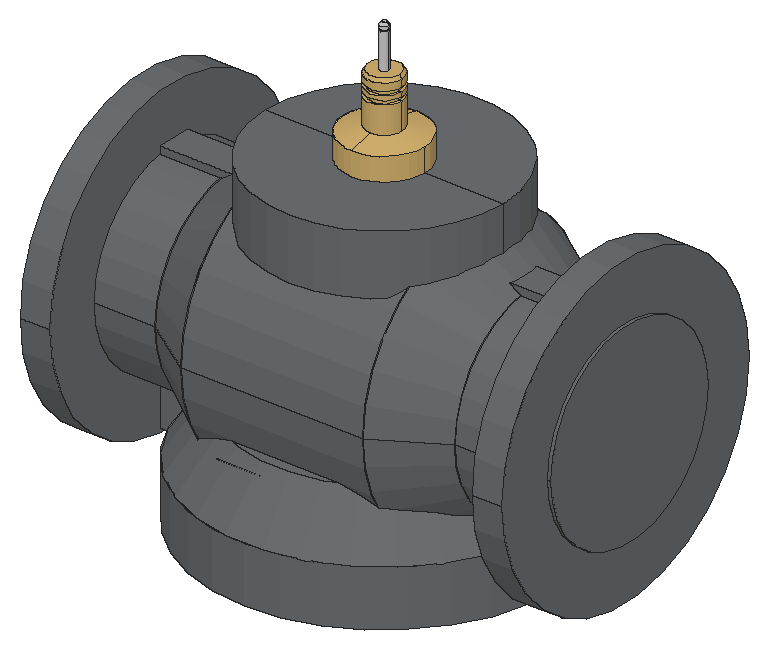
Revit family "1AHQM_DN50-100_Flange_RFA", category Pipe Accessories, Revit 2019
Family settings
  Round Connector Dimension = Use Diameter
  Part Type = Valve - Breaks Into
  OmniClass Number = 23.65.55.14.17
  OmniClass Title = Adjusting/Controlling Valves for Liquid Services
  Work Plane-Based = No
  Always vertical = Yes
  Cut with Voids When Loaded = No
  Shared = No
Parameters (values of type "AHQM_DN100_Flange_003L3606")
  Weight = 51.00 kg
  W = R_B6 * 2  # 250 mm
  Valve Body Material = Danfoss Grey Iron
  URL = "https://store.danfoss.com/en/Climate-Solutions-for-heating/Pressure-and-Flow-Controllers/Pressure-Independent-Control-Valves/c/4120?q=%3Arelevance%3Adanfoss_producttypehierarchydesc%3A4503ff21ed70ed1f579e41a58838c27d4b1d929f%3Adanfoss_a50461501115_fts%3ATA1_1501116&text="
  Nominal Pressure = "PN 16"  # constant formula
  Min Flow = "7.6 m³/h"
  Max Flow = "38 m³/h"
  Max Differential Pressure = "4 bar"  # constant formula
  LS = -12 mm
  LE = 12 mm
  Kvs = 90.0 m³/h
  H2 = 72.466 mm
  R_T2 = 85 mm
  R_B7 = 38 mm
  R_B6 = 125 mm
  R_B = 60 mm
  L_TP1 = 38 mm
  H_TP = 7.5 mm
  L_TP2 = 45 mm
  H_T1 = 75 mm
  H_B6 = 40 mm
  H3 = 43 mm
  D_TP = 22 mm
  W_TP = 60 mm
  D = 100 mm
  50_350 = if(and(D = 50 mm, LOD 350), 1 = 1, 1 = 0)  # no
  D_Flange = R_F2 * 2  # 220 mm
  Stroke = "15 mm"
  R_F1 = 70 mm
  L = 350 mm
  R_B3 = 95 mm
  R_B5 = 35 mm
  H_B4 = 12 mm
  H_B2 = 77 mm
  H_B1 = 40 mm
  H_B3 = 106 mm
  L5 = 130 mm
  L4 = 40 mm
  HH = 152 mm
  R_V2 = 71 mm
  R_V1 = 71 mm
  R_V3 = 98 mm
  R_T1 = 29 mm
  R_B2 = 125 mm
  R_B4 = 79 mm
  R_B1 = 98 mm
  R_F2 = 110 mm
  Pressure Drop [instance] = 0.0 bar
  Model Type = "AHQM_DN100_Flange"
  Model = "003L3606"
  Min Medium Temperature = "2 °C"  # constant formula
  Max Medium Temperature = "120 °C"  # constant formula
  Manufacturer = "Danfoss"  # constant formula
  L3 = 44 mm
  LOD 350 = not(LOD 200)  # yes
  LOD 200 = no
  L2 = 21 mm
  L1 = 3 mm
  IfcExportType = "AHQM"  # constant formula
  IfcExportAs = "IfcValveType"  # constant formula
  H_B5 = 13.5 mm
  H = 202 mm
  H1 = 132 mm
  Flow [instance] = 0.0 m³/h
  Description = "Pressure Independent Control Valve"  # constant formula
  Connection = "Flange"  # constant formula
  BIG = not([50_350])  # yes
Types (4, lengths in mm): name | Weight | W | Min Flow | Max Flow | LS | LE | Kvs | H2 | R_T2 | R_B7 | R_B6 | R_B | H_T1 | H_B6 | H3 | D | 50_350 | D_Flange | Stroke | R_F1 | L | R_B3 | R_B5 | H_B4 | H_B2 | H_B1 | H_B3 | L5 | L4 | HH | R_V2 | R_V1 | R_V3 | R_T1 | R_B2 | R_B4 | R_B1 | R_F2 | Model Type | Model | L3 | L2 | H_B5 | H | H1 | BIG
  AHQM_DN50_Flange_003L3603 | 12.70 kg | 130 | "2.5 m³/h" | "12.5 m³/h" | -3 | 3 | 20.0 m³/h | 36 | 29.5 | 29.5 | 65 | 34.5 | 0 | 12 | 5 | 50 | yes | 165 | "10 mm" | 52.5 | 230 | 51 | 24 | 15.5 | 78 | 61 | 79 | 66 | 41.5 | 141 | 41 | 45 | 54 | 29.5 | 54.5 | 40 | 34.5 | 82.5 | "AHQM_DN50_Flange" | "003L3603" | 20 | 19 | 28 | 141.5 | 71 | no
  AHQM_DN65_Flange_003L3604 | 31.00 kg | 206 | "4.0 m³/h" | "20 m³/h" | -12 | 12 | 50.0 m³/h | 65 | 70 | 38 | 103 | 60 | 60 | 40 | 33.5 | 65 | no | 185 | "15 mm" | 60.1 | 290 | 80 | 35 | 12 | 60 | 35 | 87.5 | 129 | 40 | 135 | 55 | 63 | 75 | 29 | 103 | 63 | 85 | 92.5 | "AHQM_DN65_Flange" | "003L3604" | 20 | 19 | 13.5 | 187 | 117 | yes
  AHQM_DN80_Flange_003L3605 | 37.50 kg | 218 | "5.6 m³/h" | "28 m³/h" | -12 | 12 | 63.0 m³/h | 72.466 | 75 | 38 | 109 | 60 | 65 | 40 | 31 | 80 | no | 200 | "15 mm" | 65 | 310 | 85 | 35 | 12 | 63 | 40 | 96 | 118 | 38 | 139.5 | 62 | 64 | 87 | 29 | 109 | 66 | 85 | 100 | "AHQM_DN80_Flange" | "003L3605" | 38 | 17 | 13.5 | 190 | 120 | yes
  AHQM_DN100_Flange_003L3606 | 51.00 kg | 250 | "7.6 m³/h" | "38 m³/h" | -12 | 12 | 90.0 m³/h | 72.466 | 85 | 38 | 125 | 60 | 75 | 40 | 43 | 100 | no | 220 | "15 mm" | 70 | 350 | 95 | 35 | 12 | 77 | 40 | 106 | 130 | 40 | 152 | 71 | 71 | 98 | 29 | 125 | 79 | 98 | 110 | "AHQM_DN100_Flange" | "003L3606" | 44 | 21 | 13.5 | 202 | 132 | yes
Reference planes
  plane 1 "Center (Front/Back)": y = 0
  plane 2 "XYPLANE": z = 0
  plane 3 "Center (Left/Right)": x = 0
  plane 4 "193": x = 57
  plane 5 "192": x = -67
  plane 6 "189": x = 107
  plane 7 "188": x = -107
  plane 8 "187": x = 63
  plane 9 "182": z = 172
  plane 10 "181": z = 169.5
  plane 11 "178": z = 155.5
  plane 12 "174": z = 136.5
  plane 13 "173": z = 132
  plane 14 "172": z = -106
  plane 15 "162": x = -151
  plane 16 "161": x = 151
  plane 17 "160": x = 172
  plane 18 "159": x = -172
  plane 19 "74": x = 175
  plane 20 "73": x = -175
  plane 21 "72": z = 0
  plane 22 "71": x = 0
  plane 23 "70": y = 0
  plane 24 "TP2": x = 45
  plane 25: z = 7.5
  plane 26 "180_2": z = 164.5
  plane 27 "183_2": z = 197
  plane 28 "183_3": z = 198.5
  plane 29 "183_4": z = 202
  plane 30: x = 3
  plane 31: x = 1.7
  plane 32: z = 200.25
  plane 33: z = 158.5
  plane 34: z = 161.5
  plane 35: z = 164.5
  plane 36 "B1": z = -152
  plane 37: z = -40
  plane 38: z = -77
  plane 39: z = -126.5
  plane 40: z = -138.5
  plane 41 "TP1": x = -38
  plane 42: y = 125
  plane 43: y = -125
Forms (mm)
  Extrusion 1, solid, material "Danfoss Grey Iron" <- "Valve Body Material", detail levels fine
    sketch origin (172, -750, 0) x (0, 1, 0) y (0, 0, 1)
      loop
        circle (750, 0) r 110
    from 0 to -21
  Blend 2, solid, material "Danfoss Grey Iron" <- "Valve Body Material", visible <- "LOD 350", detail levels fine
    base sketch origin (57, -750, 0) x (0, 1, 0) y (0, 0, 1)
      loop
        circle (750, 0) r 71
    top sketch origin (57, -750, 0) x (0, 1, 0) y (0, 0, 1)
      loop
        circle (750, 0) r 98
    from 50 to 6
  Blend 3, solid, material "Danfoss Grey Iron" <- "Valve Body Material", visible <- "LOD 350", detail levels fine
    base sketch origin (151, -750, 0) x (0, 1, 0) y (0, 0, 1)
      loop
        circle (750, 0) r 71
    top sketch origin (151, -750, 0) x (0, 1, 0) y (0, 0, 1)
      loop
        circle (750, 0) r 71
    from 0 to -44
  Blend 4, solid, material "Danfoss Grey Iron" <- "Valve Body Material", visible <- "LOD 350", detail levels fine
    base sketch origin (-67, -750, 0) x (0, 1, 0) y (0, 0, 1)
      loop
        circle (750, 0) r 71
    top sketch origin (-67, -750, 0) x (0, 1, 0) y (0, 0, 1)
      loop
        circle (750, 0) r 98
    from -40 to 0
  Blend 5, solid, material "Danfoss Grey Iron" <- "Valve Body Material", visible <- "LOD 350", detail levels fine
    base sketch origin (-151, -750, 0) x (0, 1, 0) y (0, 0, 1)
      loop
        circle (750, 0) r 71
    top sketch origin (-151, -750, 0) x (0, 1, 0) y (0, 0, 1)
      loop
        circle (750, 0) r 71
    from 0 to 44
  Extrusion 6, solid, material "Danfoss Grey Iron" <- "Valve Body Material", detail levels fine
    sketch origin (-172, -750, 0) x (0, 1, 0) y (0, 0, 1)
      loop
        circle (750, 0) r 110
    from 0 to 21 <- "L2"
  Extrusion 7, solid, material "Danfoss Brass", visible <- "LOD 350", detail levels fine
    sketch origin (-750, 0, 132) x (1, 0, 0) y (0, 1, 0)
      loop
        circle (750, 0) r 29
    from 0 to -16.534
  Extrusion 8, solid, material "Danfoss Brass", visible <- "LOD 350", detail levels fine
    sketch origin (-750, 0, 169.5) x (1, 0, 0) y (0, 1, 0)
      loop
        circle (750, 0) r 12.5
    from -5 to 0
  Blend 9, solid, material "Danfoss Brass", visible <- "LOD 350", detail levels fine
    base sketch origin (0, 0, 109.5) x (-1, 0, 0) y (0, -1, 0)
      loop
        circle (0, 0) r 12.5
    top sketch origin (0, 0, 109.5) x (-1, 0, 0) y (0, -1, 0)
      loop
        circle (0, 0) r 11
    from 60 to 62.5
  Blend 10, solid, material "Danfoss Grey Iron" <- "Valve Body Material", visible <- "LOD 350", detail levels fine
    base sketch origin (-750, 0, -86.96) x (1, 0, 0) y (0, 1, 0)
      loop
        circle (750, 0) r 125
    top sketch origin (-750, 0, -86.96) x (1, 0, 0) y (0, 1, 0)
      loop
        circle (750, 0) r 98
    from 9.96 to 46.96
  Extrusion 11, solid, material "Danfoss Grey Iron" <- "Valve Body Material", visible <- "LOD 350", detail levels fine
    sketch origin (0, 0, -152) x (-1, 0, 0) y (0, -1, 0)
      loop
        circle (0, 0) r 35
    from 0 to 13.5 <- "H_B5"
  Blend 12, solid, material "Danfoss Grey Iron" <- "Valve Body Material", visible <- "LOD 350", detail levels fine
    base sketch origin (-750, 0, -54.28) x (1, 0, 0) y (0, 1, 0)
      loop
        circle (750, 0) r 79
    top sketch origin (-750, 0, -54.28) x (1, 0, 0) y (0, 1, 0)
      loop
        circle (750, 0) r 95
    from -72.22 to -62.72
  Extrusion 13, solid, material "Danfoss Grey Iron" <- "Valve Body Material", detail levels fine
    sketch origin (175, -750, 0) x (0, 1, 0) y (0, 0, 1)
      loop
        circle (750, 0) r 70
    from 0 to -3
  Extrusion 14, solid, material "Danfoss Grey Iron" <- "Valve Body Material", detail levels fine
    sketch origin (-175, -750, 0) x (0, 1, 0) y (0, 0, 1)
      loop
        circle (750, 0) r 70
    from 0 to 3
  Extrusion 15, solid, material "Danfoss Grey Iron" <- "Valve Body Material", visible <- "LOD 350", detail levels fine
    sketch origin (-62.5, -750, 0) x (0, 1, 0) y (0, 0, 1)
      loop
        circle (750, 0) r 98
    from -4.5 to 125.5
  Extrusion 16, solid, material "Danfoss Grey Iron" <- "Valve Body Material", not visible
    sketch origin (175, -750, 0) x (0, 1, 0) y (0, 0, 1)
      loop
        circle (750, 0) r 10
    from 0 to -10
  Extrusion 17, solid, material "Danfoss Grey Iron" <- "Valve Body Material", not visible
    sketch origin (-175, -750, 0) x (0, 1, 0) y (0, 0, 1)
      loop
        circle (750, 0) r 10
    from 0 to 10
  Extrusion 18, solid, material "Danfoss Brass", visible <- "50_350", detail levels fine
    sketch origin (0, 0, 0) x (1, 0, 0) y (0, 0, 1)
      loop
        circle (45, 7.5) r 11
      loop
        circle (-38, 7.5) r 11
    from 0 to 60 <- "W_TP"
  Revolve 19, solid, material "Danfoss Stainless Steel AISI 304 / AISI 316L", visible <- "LOD 350", detail levels fine
    sketch origin (0, 0, 0) x (1, 0, 0) y (0, 0, 1)
      loop
        line (0, 202) -> (0, 172) -> (3, 172) -> (3, 197) -> (1.7, 197) -> (1.7, 198.5) -> (3, 198.5) -> (3, 200.25) -> (1.7, 202) -> (0, 202)
      axis (0, 202) -> (0, 172)
    angle from 0 to 360
  Extrusion 20, solid, material "Danfoss Stainless Steel AISI 304 / AISI 316L", visible <- "LOD 200", detail levels fine
    sketch origin (-750, 0, 136.5) x (1, 0, 0) y (0, 1, 0)
      loop
        circle (750, 0) r 3
    from 65.5 to 35.5
  Extrusion 21, solid, material "Danfoss Grey Iron" <- "Valve Body Material", visible <- "LOD 200", detail levels fine
    sketch origin (-151, -750, 0) x (0, 1, 0) y (0, 0, 1)
      loop
        circle (750, 0) r 98
    from 0 to 302
  Revolve 22, solid, material "Danfoss Brass", visible <- "LOD 350", detail levels fine
    sketch origin (0, 0, 0) x (1, 0, 0) y (0, 0, 1)
      loop
        line (0, 155.5) -> (10.45, 155.5) -> (10.45, 158.5) -> (12.5, 158.5) -> (12.5, 161.5) -> (10.45, 161.5) -> (10.45, 164.5) -> (0, 164.5) -> (0, 155.5)
      axis (0, 164.5) -> (0, 155.5)
    angle from 0 to 360
  Blend 23, solid, material "Danfoss Brass", visible <- "LOD 350", detail levels fine
    base sketch origin (0, 0, -200) x (0, 1, 0) y (-1, 0, 0)
      loop
        circle (0, 0) r 29
    top sketch origin (0, 0, -200) x (0, 1, 0) y (-1, 0, 0)
      loop
        circle (0, 0) r 12.5
    from 332 to 336.5
  Extrusion 24, solid, material "Danfoss Grey Iron" <- "Valve Body Material", visible <- "LOD 350", detail levels fine
    sketch origin (0, 0, 0) x (1, 0, 0) y (0, 0, 1)
      loop
        line (-151, 75) -> (-151, -106) -> (151, -106) -> (151, 75) -> (-151, 75)
    from -12 <- "LS" to 12 <- "LE"
  Revolve 25, solid, material "Danfoss Grey Iron" <- "Valve Body Material", detail levels fine
    sketch origin (0, 0, 0) x (1, 0, 0) y (0, 0, 1)
      loop
        line (-125, -77) -> (-125, -117) -> (0, -117) -> (0, -77) -> (-125, -77)
      axis (0, -77) -> (0, -117)
    angle from 0 to 360
  Revolve 26, solid, material "Danfoss Grey Iron" <- "Valve Body Material", visible <- "LOD 350", detail levels fine
    sketch origin (0, 0, 0) x (1, 0, 0) y (0, 0, 1)
      loop
        line (-38, -138.5) -> (0, -138.5) -> (0, -126.5) -> (-38, -126.5) -> (-38, -138.5)
      axis (0, -126.5) -> (0, -138.5)
    angle from 0 to 360
  Revolve 27, solid, material "Danfoss Grey Iron" <- "Valve Body Material", visible <- "50_350", detail levels fine
    sketch origin (0, 0, 0) x (1, 0, 0) y (0, 0, 1)
      loop
        line (0, -40) -> (60, -40) -> (60, 0) -> (0, 0) -> (0, -40)
      axis (0, 0) -> (0, -40)
    angle from 0 to 360
  Revolve 28, solid, material "Danfoss Brass", visible <- "LOD 350", detail levels fine
    sketch origin (0, 0, 0) x (1, 0, 0) y (0, 0, 1)
      loop
        line (0, 155.5) -> (0, 136.5) -> (12.5, 136.5) -> (12.5, 155.5) -> (0, 155.5)
      axis (0, 155.5) -> (0, 136.5)
    angle from 0 to 360
  Revolve 29, solid, material "Danfoss Brass", visible <- "LOD 200", detail levels fine
    sketch origin (0, 0, 0) x (1, 0, 0) y (0, 0, 1)
      loop
        line (0, 172) -> (0, 0) -> (29, 0) -> (29, 136.5) -> (12.5, 136.5) -> (12.5, 172) -> (0, 172)
      axis (0, 172) -> (0, 0)
    angle from 0 to 360
  Revolve 30, solid, material "Danfoss Grey Iron" <- "Valve Body Material", visible <- "LOD 200", detail levels fine
    sketch origin (0, 0, 0) x (1, 0, 0) y (0, 0, 1)
      loop
        line (0, 0) -> (0, -152) -> (35, -152) -> (35, -77) -> (98, -77) -> (98, 0) -> (0, 0)
      axis (0, 0) -> (0, -152)
    angle from 0 to 360
  Revolve 31, solid, material "Danfoss Grey Iron", visible <- "BIG", detail levels fine
    sketch origin (0, 0, 0) x (1, 0, 0) y (0, 0, 1)
      loop
        line (0, 115.466) -> (0, 72.466) -> (85, 72.466) -> (85, 115.466) -> (0, 115.466)
      axis (0, 115.466) -> (0, 72.466)
    angle from 0 to 360
Lines and regions (mm)
  reference lines, not visible
    curve 1: circle (2, 2, 0) r 1 normal (0, 0, 1)
Dimensions and locks
  "L3": plane 16 "161" to plane 6 "189"
  "L2": plane 18 "159" to plane 15 "162"
  "L2": plane 17 "160" to plane 16 "161"
  "L1": plane 19 "74" to plane 17 "160"
  "L1": plane 20 "73" to plane 18 "159"
  locked: plane 2 "XYPLANE" to plane 21 "72"
  locked: plane 1 "Center (Front/Back)" to plane 23 "70"
  "H_TP": level to plane 25
  equal spacing: plane 29 "183_4", plane 32, plane 28 "183_3"
  "H1": plane 13 "173" to level
  "H": plane 29 "183_4" to level
  Revolve 22 sketch curve to plane 3 "Center (Left/Right)" = 10.45 mm
  Revolve 22 sketch curve to plane 3 "Center (Left/Right)" = 12.5 mm
  Revolve 22 sketch curve to plane 22 "71" = 10.45 mm
  "L5": plane 8 "187" to plane 5 "192"
  "L4": plane 5 "192" to plane 7 "188"
  "L": plane 19 "74" to plane 20 "73"
  equal spacing: plane 19 "74", plane 3 "Center (Left/Right)", plane 20 "73"
  "H_B3": level to plane 14 "172"
  "HH": level to plane 36 "B1"
  "H_B1": level to plane 37
  "H_B2": level to plane 38
  "H_B6": Revolve 25 sketch curve to Revolve 25 sketch curve
  "R_B6": Revolve 25 sketch curve to Revolve 25 sketch curve
  "H_B5": plane 40 to plane 36 "B1"
  "H_B4": plane 39 to plane 40
  "R_B7": plane 3 "Center (Left/Right)" to Revolve 26 sketch curve
  "R_B": Revolve 27 sketch curve to plane 3 "Center (Left/Right)"
  plane 9 "182" to plane 10 "181" to plane 26 "180_2" = 2.5 mm locked, 5 mm locked
  "L_TP1": plane 41 "TP1" to plane 3 "Center (Left/Right)"
  "L_TP2": plane 3 "Center (Left/Right)" to plane 24 "TP2"
  "L3": plane 15 "162" to plane 7 "188"
  Revolve 19 sketch curve to Revolve 19 sketch curve = 3 mm  (x2)
  Revolve 28 sketch curve to plane 3 "Center (Left/Right)" = 12.5 mm
  Revolve 29 sketch curve to plane 3 "Center (Left/Right)" = 12.5 mm
  "R_T1": Revolve 29 sketch curve to plane 3 "Center (Left/Right)"
  "R_B5": Revolve 30 sketch curve to Revolve 30 sketch curve
  "R_B1": Revolve 30 sketch curve to Revolve 30 sketch curve
  locked: plane 26 "180_2" to plane 11 "178" at 9
  "H2": Revolve 31 sketch curve to level
  "R_T2": Revolve 31 sketch curve to Revolve 31 sketch curve
  "H3": Revolve 31 sketch curve to Revolve 31 sketch curve
  "H_T1": Extrusion 24 sketch curve to level
  plane 11 "178" to plane 12 "174" to plane 13 "173" = 19 mm locked, 4.5 mm locked
  plane 35 to plane 34 to plane 33 to plane 11 "178" = 3 mm, 3 mm, 3 mm
  locked: plane 28 "183_3" to plane 27 "183_2" at 1.5
  locked: plane 29 "183_4" to plane 28 "183_3" at 3.5
  "W": plane 42 to plane 43
  equal spacing: plane 42, plane 23 "70", plane 43
  "R_F2": radius of Extrusion 1 sketch curve
  "R_V3": radius of Blend 2 sketch curve
  "R_V2": radius of Blend 2 sketch curve
  "R_V2": radius of Blend 3 sketch curve
  "R_V1": radius of Blend 3 sketch curve
  "R_V3": radius of Blend 4 sketch curve
  "R_V2": radius of Blend 4 sketch curve
  "R_V2": radius of Blend 5 sketch curve
  "R_V1": radius of Blend 5 sketch curve
  "R_F2": radius of Extrusion 6 sketch curve
  "R_T1": radius of Extrusion 7 sketch curve
  "R_B1": radius of Blend 10 sketch curve
  "R_B2": radius of Blend 10 sketch curve
  "R_B5": radius of Extrusion 11 sketch curve
  "R_B3": radius of Blend 12 sketch curve
  "R_B4": radius of Blend 12 sketch curve
  "R_F1": radius of Extrusion 13 sketch curve
  "R_F1": radius of Extrusion 14 sketch curve
  "R_V3": radius of Extrusion 15 sketch curve
  "D_TP": diameter of Extrusion 18 sketch curve  (x2)
  radius of Extrusion 20 sketch curve = 3 mm
  "R_V3": radius of Extrusion 21 sketch curve
  radius of Extrusion 8 sketch curve = 12.5 mm
  "R_T1": radius of Blend 23 sketch curve
  radius of Blend 23 sketch curve = 12.5 mm
  radius of Blend 9 sketch curve = 11 mm
  radius of Blend 9 sketch curve = 12.5 mm
  aligned and locked: level to plane 2 "XYPLANE"
  aligned and locked: plane 21 "72" to Extrusion 1 sketch curve
  aligned and locked: Extrusion 1 sketch curve to plane 23 "70"
  aligned and locked: plane 21 "72" to Blend 2 sketch curve  (x2)
  aligned and locked: Blend 2 sketch curve to plane 23 "70"  (x2)
  aligned and locked: plane 21 "72" to Blend 3 sketch curve  (x2)
  aligned and locked: Blend 3 sketch curve to plane 23 "70"  (x2)
  aligned and locked: Blend 3 to plane 6 "189"
  aligned and locked: plane 21 "72" to Blend 4 sketch curve  (x2)
  aligned and locked: Blend 4 sketch curve to plane 23 "70"  (x2)
  aligned and locked: plane 21 "72" to Blend 5 sketch curve  (x2)
  aligned and locked: Blend 5 sketch curve to plane 23 "70"  (x2)
  aligned and locked: plane 7 "188" to Blend 5
  aligned and locked: plane 21 "72" to Extrusion 6 sketch curve
  aligned and locked: Extrusion 6 sketch curve to plane 23 "70"
  aligned and locked: plane 22 "71" to Extrusion 7 sketch curve
  aligned and locked: plane 23 "70" to Extrusion 7 sketch curve
  aligned and locked: plane 22 "71" to Extrusion 8 sketch curve
  aligned and locked: plane 23 "70" to Extrusion 8 sketch curve
  aligned and locked: plane 22 "71" to Blend 9 sketch curve  (x2)
  aligned and locked: plane 23 "70" to Blend 9 sketch curve  (x2)
  aligned and locked: plane 22 "71" to Blend 10 sketch curve  (x2)
  aligned and locked: plane 23 "70" to Blend 10 sketch curve  (x2)
  aligned and locked: plane 22 "71" to Extrusion 11 sketch curve
  aligned and locked: plane 23 "70" to Extrusion 11 sketch curve
  aligned and locked: plane 22 "71" to Blend 12 sketch curve  (x2)
  aligned and locked: plane 23 "70" to Blend 12 sketch curve  (x2)
  aligned and locked: plane 21 "72" to Extrusion 13 sketch curve
  aligned and locked: Extrusion 13 sketch curve to plane 23 "70"
  aligned and locked: plane 21 "72" to Extrusion 14 sketch curve
  aligned and locked: Extrusion 14 sketch curve to plane 23 "70"
  aligned and locked: plane 21 "72" to Extrusion 15 sketch curve
  aligned and locked: Extrusion 15 sketch curve to plane 23 "70"
  aligned and locked: plane 21 "72" to Extrusion 16 sketch curve
  aligned and locked: Extrusion 16 sketch curve to plane 23 "70"
  aligned and locked: plane 21 "72" to Extrusion 17 sketch curve
  aligned and locked: Extrusion 17 sketch curve to plane 23 "70"
  aligned and locked: Revolve 19 sketch curve to plane 31
  aligned and locked: Revolve 19 sketch curve to plane 27 "183_2"
  aligned and locked: Revolve 19 sketch curve to plane 28 "183_3"
  aligned and locked: Revolve 19 sketch curve to plane 29 "183_4"
  aligned and locked: Revolve 19 sketch curve to plane 30
  aligned and locked: plane 31 to Revolve 19 sketch curve
  aligned and locked: plane 32 to Revolve 19 sketch curve
  aligned and locked: Revolve 19 sketch curve to plane 22 "71"
  aligned and locked: plane 1 "Center (Front/Back)" to nested 1
  aligned and locked: plane 3 "Center (Left/Right)" to nested 1
  aligned and locked: Extrusion 8 to plane 26 "180_2"
  aligned and locked: plane 10 "181" to Extrusion 8
  aligned and locked: Blend 9 to plane 10 "181"
  aligned and locked: plane 9 "182" to Blend 9
  aligned and locked: Revolve 19 sketch curve to plane 9 "182"
  aligned and locked: Revolve 22 sketch curve to plane 11 "178"
  aligned and locked: Revolve 22 sketch curve to plane 3 "Center (Left/Right)"
  aligned and locked: Revolve 22 sketch curve to plane 35
  aligned and locked: Revolve 22 sketch curve to plane 34
  aligned and locked: Revolve 22 sketch curve to plane 33
  aligned and locked: Blend 9 to Revolve 22 sketch curve
  aligned and locked: Revolve 22 sketch curve to plane 22 "71"
  aligned and locked: plane 3 "Center (Left/Right)" to Blend 23 sketch curve  (x2)
  aligned and locked: plane 1 "Center (Front/Back)" to Blend 23 sketch curve  (x2)
  aligned and locked: Blend 23 to plane 13 "173"
  aligned and locked: plane 12 "174" to Blend 23
  aligned and locked: Blend 5 to plane 15 "162"
  aligned and locked: Blend 4 to plane 5 "192"
  aligned and locked: Extrusion 15 to plane 5 "192"
  aligned and locked: Blend 4 to plane 7 "188"
  aligned and locked: Blend 2 to plane 6 "189"
  aligned and locked: Blend 2 to plane 8 "187"
  aligned and locked: Extrusion 24 sketch curve to plane 15 "162"
  aligned and locked: Extrusion 24 sketch curve to plane 16 "161"
  aligned and locked: Extrusion 24 sketch curve to plane 14 "172"  (x2)
  aligned and locked: Extrusion 11 to plane 36 "B1"
  aligned and locked: Blend 10 to plane 37
  aligned and locked: Blend 10 to plane 38
  aligned and locked: Revolve 25 sketch curve to plane 38
  aligned and locked: Revolve 25 sketch curve to plane 3 "Center (Left/Right)"  (x2)
  aligned and locked: Revolve 25 sketch curve to Blend 10
  aligned and locked: Revolve 25 sketch curve to Extrusion 11
  aligned and locked: Blend 12 to Revolve 25
  aligned and locked: plane 29 "183_4" to Extrusion 20
  aligned and locked: Extrusion 20 to plane 9 "182"
  aligned and locked: Revolve 26 sketch curve to plane 40
  aligned and locked: Revolve 26 sketch curve to plane 3 "Center (Left/Right)"
  aligned and locked: Revolve 26 sketch curve to plane 39
  aligned and locked: Revolve 26 sketch curve to Revolve 26 sketch curve  (x2)
  aligned and locked: Revolve 27 sketch curve to plane 37
  aligned and locked: Revolve 27 sketch curve to plane 3 "Center (Left/Right)"
  aligned and locked: Revolve 27 sketch curve to level
  aligned and locked: Revolve 27 sketch curve to Revolve 27 sketch curve  (x2)
  aligned and locked: Extrusion 14 to plane 18 "159"
  aligned and locked: Extrusion 14 to plane 20 "73"
  aligned and locked: Extrusion 13 to plane 19 "74"
  aligned and locked: Extrusion 13 to plane 17 "160"
  aligned and locked: Extrusion 1 to plane 17 "160"
  aligned and locked: Extrusion 1 to plane 16 "161"
  aligned and locked: Extrusion 21 to plane 15 "162"
  aligned and locked: Extrusion 21 to plane 16 "161"
  aligned and locked: plane 41 "TP1" to Extrusion 18 sketch curve
  aligned and locked: plane 25 to Extrusion 18 sketch curve
  aligned and locked: Extrusion 15 to plane 8 "187"
  aligned and locked: Blend 12 to plane 39
  aligned and locked: Revolve 28 sketch curve to plane 11 "178"
  aligned and locked: Revolve 28 sketch curve to plane 12 "174"
  aligned and locked: Revolve 28 sketch curve to plane 22 "71"  (x2)
  aligned and locked: Revolve 28 sketch curve to Revolve 22
  aligned and locked: Revolve 29 sketch curve to plane 9 "182"
  aligned and locked: Revolve 29 sketch curve to plane 3 "Center (Left/Right)"
  aligned and locked: Revolve 29 sketch curve to plane 12 "174"
  aligned and locked: Revolve 29 sketch curve to level
  aligned and locked: Revolve 29 sketch curve to Revolve 29 sketch curve  (x2)
  aligned and locked: Revolve 30 sketch curve to plane 3 "Center (Left/Right)"
  aligned and locked: Revolve 30 sketch curve to plane 36 "B1"
  aligned and locked: Revolve 30 sketch curve to level
  aligned and locked: Revolve 30 sketch curve to plane 38
  aligned and locked: Revolve 30 sketch curve to Revolve 30 sketch curve  (x2)
  aligned and locked: Revolve 31 sketch curve to plane 3 "Center (Left/Right)"
  aligned and locked: Revolve 28 to Revolve 31 sketch curve
  aligned and locked: Revolve 31 sketch curve to plane 22 "71"
  aligned and locked: Revolve 31 to Extrusion 7
Automatic sketch dimensions
  plane 1 "Center (Front/Back)" to Extrusion 16 sketch curve = 10 mm
  plane 1 "Center (Front/Back)" to Extrusion 17 sketch curve = 10 mm
  plane 3 "Center (Left/Right)" to curve 1 = 2 mm
  curve 1 to plane 1 "Center (Front/Back)" = 2 mm
  plane 29 "183_4" to Revolve 19 sketch curve = 8938.54 mm
  Revolve 22 sketch curve to plane 11 "178" = 1.66 mm
  Revolve 19 sketch curve to plane 11 "178" = 0 mm
  Revolve 28 sketch curve to plane 13 "173" = 0 mm
  plane 1 "Center (Front/Back)" to Extrusion 20 sketch curve = 0 mm
  Extrusion 20 sketch curve to plane 3 "Center (Left/Right)" = 0 mm
  Extrusion 18 sketch curve to plane 24 "TP2" = 0 mm
  Extrusion 18 sketch curve to plane 25 = 0 mm
  Extrusion 21 sketch curve to level = 0 mm
  Extrusion 21 sketch curve to plane 1 "Center (Front/Back)" = 0 mm
  plane 36 "B1" to Revolve 26 sketch curve = 4.021 mm
  plane 39 to Revolve 27 sketch curve = 0.479 mm
  Revolve 29 sketch curve to level = 0 mm
  Revolve 30 sketch curve to plane 36 "B1" = 73.835 mm
  Revolve 31 sketch curve to level = 0 mm
  radius of curve 1 = 1 mm
Nested families
  nested 1: "Schematic_PICV_Flange" at (0, 0, 0), type "Schematic_PICV_Flange", detail levels coarse+medium
Connectors
  piping at (-175, 0, 0), diameter 100, driven by "D", driven by "Flow"
    settings: on Extrusion 17, index 1, connector inside diameter 609.6 mm, connector length 0 mm, flow factor 0, pipe flow 0.0 m³/h, pressure drop 0.0 bar, fitting loss kfactor 0, connector angle 0.00°, fixture units 0, engagement length 0 mm, angle of deflection 0.00°, flow configuration 0, flow direction 0, fitting loss method 0, system type 29, joint type 0, gender type 0, connector reference index 2, connector utility 0, adjustable connector no, is connector primary yes, connector description ""
  piping at (175, 0, 0), diameter 100, driven by "D", driven by "Flow"
    settings: on Extrusion 16, index 2, connector inside diameter 609.6 mm, connector length 0 mm, flow factor 0, pipe flow 0.0 m³/h, pressure drop 0.0 bar, fitting loss kfactor 0, connector angle 0.00°, fixture units 0, engagement length 0 mm, angle of deflection 0.00°, flow configuration 0, flow direction 0, fitting loss method 0, system type 29, joint type 0, gender type 0, connector reference index 1, connector utility 0, adjustable connector no, is connector primary no, connector description ""
Definition of nested family "Schematic_PICV_Flange"
  Parameters (values of type "Schematic_PICV_Flange")
    L_1 = 2 / 5 * L  # 128 mm
    L1 = L / 15  # 21.333 mm
    L = 320 mm
    H4 = D / 5  # 38 mm
    H2 = 200 mm
    H1 = 235 mm
    D = 190 mm
  Reference planes
    plane 1 "Center (Front/Back)": y = 0
    plane 2: z = 0
    plane 3 "Center (Left/Right)": x = 0
    plane 4: x = 64
    plane 5: x = -64
    plane 6: z = 95
    plane 7: z = -95
    plane 8: z = 235
    plane 9: x = 138.667
    plane 10: x = -138.667
    plane 11: y = 95
    plane 12: y = -95
    plane 13: y = 235
    plane 14: y = -200
    plane 15: z = -200
    plane 16: z = -162
    plane 17: y = -162
    plane 18: z = -124
    plane 19: y = -124
    plane 20: x = -160
    plane 21: x = 160
  Lines and regions (mm)
    model lines
      curve 1: line (0, 0, 235) -> (0, 0, -124)
      curve 2: line (0, 0, 0) -> (-138.667, 0, 95)
      curve 3: line (-138.667, 0, 95) -> (-138.667, 0, -95)
      curve 4: line (-138.667, 0, -95) -> (0, 0, 0)
      curve 5: line (0, 0, 0) -> (138.667, 0, 95)
      curve 6: line (138.667, 0, 95) -> (138.667, 0, -95)
      curve 7: line (138.667, 0, -95) -> (0, 0, 0)
      curve 8: line (64, 0, -162) -> (-64, 0, -162)
      curve 9: line (-64, 0, 235) -> (64, 0, 235)
      curve 10: line (-160, 0, -95) -> (-160, 0, 95)
      curve 11: line (160, 0, -95) -> (160, 0, 95)
      curve 24: spline (-64, 0, -162) -> (-61.819, 0, -152.165) -> (-55.426, 0, -143) -> (-45.255, 0, -135.13) -> (-32, 0, -129.091) -> (-16.564, 0, -125.295) -> (0, 0, -124) -> (16.564, 0, -125.295) -> (32, 0, -129.091) -> (45.255, 0, -135.13) -> (55.426, 0, -143) -> (61.819, 0, -152.165) -> (64, 0, -162) -> (61.819, 0, -171.835) -> (55.426, 0, -181) -> (45.255, 0, -188.87) -> (32, 0, -194.909) -> (16.564, 0, -198.705) -> (0, 0, -200) -> (-16.564, 0, -198.705) -> (-32, 0, -194.909) -> (-45.255, 0, -188.87) -> (-55.426, 0, -181) -> (-61.819, 0, -171.835) -> (-64, 0, -162)
    symbolic lines
      curve 12: line (138.667, 95, 0) -> (138.667, -95, 0)
      curve 13: line (-138.667, 95, 0) -> (-138.667, -95, 0)
      curve 14: line (-138.667, 95, 0) -> (0, 0, 0)
      curve 15: line (0, 0, 0) -> (-138.667, -95, 0)
      curve 16: line (0, 0, 0) -> (138.667, -95, 0)
      curve 17: line (0, 0, 0) -> (138.667, 95, 0)
      curve 18: line (0, 235, 0) -> (0, -124, 0)
      curve 19: line (64, 235, 0) -> (-64, 235, 0)
      curve 20: line (-160, -95, 0) -> (-160, 95, 0)
      curve 21: line (160, -95, 0) -> (160, 95, 0)
      curve 22: line (64, -162, 0) -> (-64, -162, 0)
      curve 23: spline (-64, -162, 0) -> (-61.819, -152.165, 0) -> (-55.426, -143, 0) -> (-45.255, -135.13, 0) -> (-32, -129.091, 0) -> (-16.564, -125.295, 0) -> (0, -124, 0) -> (16.564, -125.295, 0) -> (32, -129.091, 0) -> (45.255, -135.13, 0) -> (55.426, -143, 0) -> (61.819, -152.165, 0) -> (64, -162, 0) -> (61.819, -171.835, 0) -> (55.426, -181, 0) -> (45.255, -188.87, 0) -> (32, -194.909, 0) -> (16.564, -198.705, 0) -> (0, -200, 0) -> (-16.564, -198.705, 0) -> (-32, -194.909, 0) -> (-45.255, -188.87, 0) -> (-55.426, -181, 0) -> (-61.819, -171.835, 0) -> (-64, -162, 0)
  Dimensions and locks
    equal spacing: plane 4, plane 3 "Center (Left/Right)", plane 5
    "D": plane 6 to plane 7
    equal spacing: plane 6, level, plane 7
    "D": plane 12 to plane 11
    "H1": plane 1 "Center (Front/Back)" to plane 13
    "H2": plane 14 to plane 1 "Center (Front/Back)"
    "H1": plane 8 to level
    "H2": level to plane 15
    "H4": plane 14 to plane 17
    equal spacing: plane 18, plane 16, plane 15
    equal spacing: plane 14, plane 17, plane 19
    "L": plane 21 to plane 20
    equal spacing: plane 9, plane 3 "Center (Left/Right)", plane 10
    "L1": plane 10 to plane 20
    "L1": plane 21 to plane 9
    "L_1": plane 4 to plane 5
    equal spacing: plane 12, plane 1 "Center (Front/Back)", plane 11
    "H4": plane 16 to plane 15
    aligned and locked: level to plane 2
    aligned and locked: plane 7 to curve 10
    aligned and locked: plane 6 to curve 10
    aligned and locked: plane 7 to curve 11
    aligned and locked: plane 6 to curve 11
    aligned and locked: plane 4 to curve 9
    aligned and locked: plane 5 to curve 9
    aligned and locked: plane 5 to curve 22
    aligned and locked: plane 4 to curve 22
    aligned and locked: plane 18 to curve 1
  Automatic sketch dimensions
    plane 12 to curve 20 = 0 mm
    curve 20 to plane 20 = 0 mm
    curve 13 to plane 10 = 0 mm
    curve 19 to plane 5 = 0 mm
    plane 1 "Center (Front/Back)" to curve 17 = 0 mm
    curve 17 to plane 3 "Center (Left/Right)" = 0 mm
    curve 18 to plane 3 "Center (Left/Right)" = 0 mm
    curve 19 to plane 4 = 0 mm
    curve 12 to plane 9 = 0 mm
    plane 11 to curve 21 = 0 mm
    curve 21 to plane 21 = 0 mm
    plane 17 to curve 22 = 0 mm
    plane 19 to curve 18 = 0 mm
    plane 12 to curve 21 = 0 mm
    plane 12 to curve 15 = 0 mm
    plane 12 to curve 16 = 0 mm
    plane 11 to curve 12 = 0 mm
    plane 11 to curve 20 = 0 mm
    plane 11 to curve 13 = 0 mm
    plane 13 to curve 19 = 0 mm
    plane 17 to curve 23 = 0 mm
    curve 10 to plane 20 = 0 mm
    curve 2 to plane 6 = 0 mm
    curve 2 to plane 10 = 0 mm
    curve 8 to plane 5 = 0 mm
    curve 4 to level = 0 mm
    curve 4 to plane 3 "Center (Left/Right)" = 0 mm
    curve 8 to plane 4 = 0 mm
    curve 6 to plane 6 = 0 mm
    curve 6 to plane 9 = 0 mm
    curve 11 to plane 21 = 0 mm
    curve 24 to plane 16 = 0 mm
    curve 8 to plane 16 = 0 mm
    curve 4 to plane 7 = 0 mm
    curve 7 to plane 7 = 0 mm
    curve 7 to level = 0 mm
    curve 5 to level = 0 mm
    curve 9 to plane 8 = 0 mm
